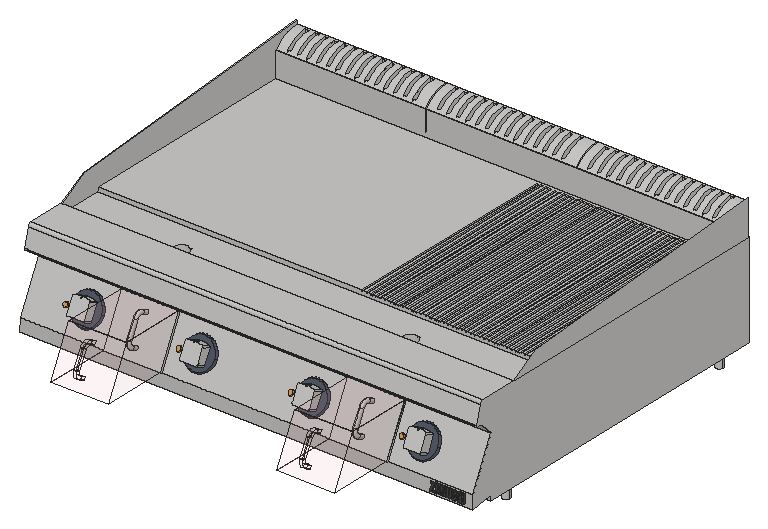
Revit family "QF_ZANUSSI_392405_Z9IIMDAOMIA", category Specialty Equipment, Revit 2018
Family settings
  Round Connector Dimension = Use Diameter
  Part Type = Normal
  Work Plane-Based = No
  Always vertical = Yes
  Cut with Voids When Loaded = No
  Shared = No
  Room Calculation Point = No
Parameters (values of type "Standard")
  Weight = 150.00 kg
  Watts = 0 W
  Volts = 380 V
  URL Manufacturer = "http://www.zanussiprofessional.com"
  URL = "http://www.zanussiprofessional.com"
  Steam Supply Size = 0"
  Steam Supply Minimum Pressure = 0.00 psi
  Steam Supply Maximum Pressure = 0.00 psi
  Steam Pounds per Hour = 0
  Show Logo [instance] = yes
  Show Clearance [instance] = yes
  Refrigeration Suction Line Size = 0"
  Refrigeration Liquid Line Size = 0"
  Refrigerant Compressor Remote = yes
  Phase = 3
  Model = "Z9IIMDAOMIA"
  Manufacturer = "Zanussi"
  Length Actual = 1200 mm  # constant formula
  Item Number = "392405"
  Hot Water Size = 0"
  Height Actual = 250 mm  # constant formula
  HP = "26.8 HP"
  Gas Size = 0"
  Gas KW = 0
  Gas Input Pressure = 0.0 Btu/h
  Direct Waste Size = 0"
  Description = "ELECTRIC FRY TOP HP SMOOTH+RIBBED 1200MM - SCRATCH RESISTANT CHROMIUM"
  Depth Actual = 900 mm  # constant formula
  Cycle = 60 Hz
  Condensate Return Size = 0"
  Compressed Air Volume = 0 GPM
  Compressed Air Size = 0"
  Compressed Air Pressure = 0.00 psi
  Cold Water Size = 0"
  Accessory = yes
Reference planes
  plane 1 "BACK": y = 0
  plane 2: z = 0
  plane 3 "LEFT": x = 0
  plane 4 "RIGHT": x = 1200
  plane 5 "FRONT": y = -915
  plane 6 "TOP": z = 274
  plane 7 "Center Y": x = 600
  plane 8 "Center X": y = -457.5
  plane 9: y = -1106
  plane 10: z = 24
  plane 11: z = 290
  plane 12: z = 410
  plane 13: x = 11
  plane 14: x = 1189
  plane 15: z = 900
  plane 16: z = 995
Forms (mm)
  Extrusion 1, solid, material "QF_Finishes_Stainless Steel"
    sketch origin (0, 0, 626) x (0, 1, 0) y (0, 0, 1)
      loop
        line (0, 24) -> (0, 275) -> (-879.358, 275)
        arc (-879.358, 275) -> (-884.931, 272.506) -> (-886.786, 266.69) r 7.474
        line (-886.786, 266.69) -> (-899.884, 221.011)
        arc (-899.884, 221.011) -> (-899.396, 218.379) -> (-897, 217.184) r 3
        line (-897, 217.184) -> (-886.802, 217.184) -> (-854.982, 185.364) -> (-915, 64.508) -> (-915, 29.508) -> (-858.645, 37.428)
        arc (-858.645, 37.428) -> (-856.101, 36.674) -> (-855, 34.259) r 3.2
        line (-855, 34.259) -> (-855, 24) -> (0, 24)
    from 0 to 1200
  Extrusion 2, solid, material "QF_Finishes_Stainless Steel"
    sketch origin (0, -1, 626) x (1, 0, 0) y (0, 1, 0)
      loop
        circle (11, -81) r 9.525
      loop
        circle (11, -789) r 9.525
      loop
        circle (1189, -81) r 9.525
      loop
        circle (1189, -789) r 9.525
    from 0 to 24
  Extrusion 3, solid, material "QF_Finishes_Stainless Steel"
    sketch origin (635, 203.692, 900) x (0, -1, 0) y (1, 0, 0)
      loop
        line (273.542, 563.412) -> (273.542, -633.413) -> (275.13, -633.413) -> (275.13, 563.412) -> (273.542, 563.412)
    from 0 to 56.233
  Extrusion 4, void
    sketch origin (0, 0, 900) x (0, -1, 0) y (1, 0, 0)
      loop
        line (71.438, 1.587) -> (777.539, 1.587) -> (777.539, 1198.412) -> (71.438, 1198.412) -> (71.438, 1.587)
    from 32.952 to -21.588
  Extrusion 5, solid, material "QF_Finishes_Stainless Steel"
    sketch origin (0, 0, 650) x (-1, 0, 0) y (0, 1, 0)
      loop
        circle (-1144, -50) r 6.35
      loop
        circle (-1144, -654) r 6.35
    from 0 to 5
  Extrusion 6, solid, material "QF_Clearances", visible <- "Show Clearance", detail levels coarse
    sketch origin (0, 0, 626) x (1, 0, 0) y (0, 1, 0)
      loop
        line (0, 0) -> (1200, 0) -> (1200, -915) -> (1350, -915) -> (1350, 100) -> (-150, 100) -> (-150, -915) -> (0, -915) -> (0, 0)
    from 0 to 369
  Extrusion 7, solid, material "QF_Finishes_Stainless Steel"
    sketch origin (0, 0, 635.706) x (0, 1, 0) y (0, 0, 1)
      loop
        line (-660, 254) -> (-660, 242.706) -> (-71.438, 242.706) -> (-71.438, 254) -> (-660, 254)
    from 1.587 to 1198.412
  Extrusion 8, void
    sketch origin (626.521, 0, 626) x (1, 0, 0) y (0, 1, 0)
      loop
        circle (271.879, -743.736) r 20
    from 235.859 to 256.719
  Extrusion 9, solid, material "QF_Finishes_Stainless Steel"
    sketch origin (-15.442, 0, 626) x (0, 1, 0) y (0, 0, 1)
      loop
        line (0, 274) -> (0, 369) -> (-703.927, 316.5) -> (-777.539, 274) -> (0, 274)
    from 15.442 to 17.03
  Extrusion 10, solid, material "QF_Finishes_Stainless Steel"
    sketch origin (0, 0, 655.962) x (0, 1, 0) y (0, 0, 1)
      loop
        line (0, 244.038) -> (0, 331.354)
        arc (0, 331.354) -> (-38.768, 324.268) -> (-69.85, 300.038) r 82.671
        line (-69.85, 300.038) -> (-69.85, 244.038) -> (0, 244.038)
    from 1.588 to 400
  Extrusion 11, void
    sketch origin (0, 0, 930.6) x (0, -1, 0) y (1, 0, 0)
      loop
        line (6.761, 29.703) -> (63.911, 29.703) -> (63.911, 38.999) -> (6.761, 38.999) -> (6.761, 29.703)
      loop
        line (63.911, 64.487) -> (6.761, 64.487) -> (6.761, 55.191) -> (63.911, 55.191) -> (63.911, 64.487)
      loop
        line (63.911, 89.975) -> (6.761, 89.975) -> (6.761, 80.68) -> (63.911, 80.68) -> (63.911, 89.975)
      loop
        line (63.911, 115.464) -> (6.761, 115.464) -> (6.761, 106.168) -> (63.911, 106.168) -> (63.911, 115.464)
      loop
        line (63.911, 140.952) -> (6.761, 140.952) -> (6.761, 131.656) -> (63.911, 131.656) -> (63.911, 140.952)
      loop
        line (63.911, 166.44) -> (6.761, 166.44) -> (6.761, 157.145) -> (63.911, 157.145) -> (63.911, 166.44)
      loop
        line (63.911, 191.929) -> (6.761, 191.929) -> (6.761, 182.633) -> (63.911, 182.633) -> (63.911, 191.929)
      loop
        line (63.911, 217.417) -> (6.761, 217.417) -> (6.761, 208.121) -> (63.911, 208.121) -> (63.911, 217.417)
      loop
        line (63.911, 242.905) -> (6.761, 242.905) -> (6.761, 233.61) -> (63.911, 233.61) -> (63.911, 242.905)
      loop
        line (63.911, 268.394) -> (6.761, 268.394) -> (6.761, 259.098) -> (63.911, 259.098) -> (63.911, 268.394)
      loop
        line (63.911, 293.882) -> (6.761, 293.882) -> (6.761, 284.586) -> (63.911, 284.586) -> (63.911, 293.882)
      loop
        line (63.911, 319.37) -> (6.761, 319.37) -> (6.761, 310.075) -> (63.911, 310.075) -> (63.911, 319.37)
      loop
        line (63.911, 344.859) -> (6.761, 344.859) -> (6.761, 335.563) -> (63.911, 335.563) -> (63.911, 344.859)
      loop
        line (63.911, 370.347) -> (6.761, 370.347) -> (6.761, 361.051) -> (63.911, 361.051) -> (63.911, 370.347)
    from 25.4 to 63.5
  Extrusion 12, solid, material "QF_Finishes_Stainless Steel"
    sketch origin (800, 0, 655.962) x (0, 1, 0) y (0, 0, -1)
      loop
        line (0, -244.038) -> (-69.85, -244.038) -> (-69.85, -300.038)
        arc (-69.85, -300.038) -> (-38.626, -323.809) -> (0, -330.737) r 83.705
        line (0, -330.737) -> (0, -244.038)
    from 0 to 400
  Extrusion 13, void
    sketch origin (596.143, 0, 930.6) x (0, -1, 0) y (1, 0, 0)
      loop
        line (6.761, 170.297) -> (6.761, 161.001) -> (63.911, 161.001) -> (63.911, 170.297) -> (6.761, 170.297)
      loop
        line (63.911, 135.513) -> (63.911, 144.809) -> (6.761, 144.809) -> (6.761, 135.513) -> (63.911, 135.513)
      loop
        line (63.911, 110.025) -> (63.911, 119.32) -> (6.761, 119.32) -> (6.761, 110.025) -> (63.911, 110.025)
      loop
        line (63.911, 84.536) -> (63.911, 93.832) -> (6.761, 93.832) -> (6.761, 84.536) -> (63.911, 84.536)
      loop
        line (63.911, 59.048) -> (63.911, 68.344) -> (6.761, 68.344) -> (6.761, 59.048) -> (63.911, 59.048)
      loop
        line (63.911, 33.56) -> (63.911, 42.855) -> (6.761, 42.855) -> (6.761, 33.56) -> (63.911, 33.56)
      loop
        line (63.911, 8.071) -> (63.911, 17.367) -> (6.761, 17.367) -> (6.761, 8.071) -> (63.911, 8.071)
      loop
        line (63.911, -17.417) -> (63.911, -8.121) -> (6.761, -8.121) -> (6.761, -17.417) -> (63.911, -17.417)
      loop
        line (63.911, -42.905) -> (63.911, -33.61) -> (6.761, -33.61) -> (6.761, -42.905) -> (63.911, -42.905)
      loop
        line (63.911, -68.394) -> (63.911, -59.098) -> (6.761, -59.098) -> (6.761, -68.394) -> (63.911, -68.394)
      loop
        line (63.911, -93.882) -> (63.911, -84.586) -> (6.761, -84.586) -> (6.761, -93.882) -> (63.911, -93.882)
      loop
        line (63.911, -119.37) -> (63.911, -110.075) -> (6.761, -110.075) -> (6.761, -119.37) -> (63.911, -119.37)
      loop
        line (63.911, -144.859) -> (63.911, -135.563) -> (6.761, -135.563) -> (6.761, -144.859) -> (63.911, -144.859)
      loop
        line (63.911, -170.347) -> (63.911, -161.051) -> (6.761, -161.051) -> (6.761, -170.347) -> (63.911, -170.347)
    from 25.4 to 63.5
  Blend 14, solid, material "QF_Finishes_Navy Blue"
    base sketch origin (155, -884.991, 750.936) x (1, 0, 0) y (0, 0.444781, 0.895639)
      loop
        circle (0, 0) r 42.5
    top sketch origin (155, -884.991, 750.936) x (1, 0, 0) y (0, 0.444781, 0.895639)
      loop
        circle (0, 0) r 40.5
    from 0 to 5
  Extrusion 15, solid, material "QF_Finishes_Stainless Steel"
    sketch origin (155, -884.991, 750.936) x (1, 0, 0) y (0, 0.444781, 0.895639)
      loop
        arc (-21.147, 22.789) -> (-22.494, 21.685) -> (-23, 20.019) r 2.997
        line (-23, 20.019) -> (-23, -20.019)
        arc (-23, -20.019) -> (-22.122, -22.138) -> (-20.003, -23.016) r 2.997
        line (-20.003, -23.016) -> (20.003, -23.016)
        arc (20.003, -23.016) -> (22.122, -22.138) -> (23, -20.019) r 2.997
        line (23, -20.019) -> (23, 20.019)
        arc (23, 20.019) -> (22.494, 21.685) -> (21.147, 22.789) r 2.997
        arc (21.147, 22.789) -> (0, 26.984) -> (-21.147, 22.789) r 55.4
    from 10 to 34
  Extrusion 16, solid, material "QF_Finishes_Stainless Steel"
    sketch origin (155, -884.991, 750.936) x (1, 0, 0) y (0, 0.444781, 0.895639)
      loop
        line (17.5, 17.5) -> (-17.5, 17.5) -> (-17.5, -17.5) -> (17.5, -17.5) -> (17.5, 17.5)
    from 5 to 10
  Extrusion 17, solid, material "QF_Plastic-Black-Matte"
    sketch origin (97.5, -884.991, 750.936) x (0, 0.444781, 0.895639) y (0, 0.895639, -0.444781)
      loop
        line (26.984, -34) -> (23.984, -34) -> (23.984, -35) -> (26.984, -35)
        arc (26.984, -35) -> (27.691, -34.707) -> (27.984, -34) r 1
        line (27.984, -34) -> (27.984, -19) -> (26.984, -19) -> (26.984, -34)
    from -58.5 to -56.5
  Extrusion 18, solid, material "QF_Finishes_Orange"
    sketch origin (155, -888.072, 744.733) x (1, 0, 0) y (0, 0.444781, 0.895639)
      loop
        circle (-55.001, 0) r 6
    from 0 to 1.6
  Blend 19, solid, material "QF_Finishes_Navy Blue"
    base sketch origin (647.5, -884.991, 750.936) x (1, 0, 0) y (0, 0.444781, 0.895639)
      loop
        circle (400, 0) r 42.5
    top sketch origin (647.5, -884.991, 750.936) x (1, 0, 0) y (0, 0.444781, 0.895639)
      loop
        circle (400, 0) r 40.5
    from 0 to 5
  Extrusion 20, solid, material "QF_Finishes_Stainless Steel"
    sketch origin (647.5, -884.991, 750.936) x (1, 0, 0) y (0, 0.444781, 0.895639)
      loop
        arc (378.853, 22.789) -> (377.506, 21.685) -> (377, 20.019) r 2.997
        line (377, 20.019) -> (377, -20.019)
        arc (377, -20.019) -> (377.878, -22.138) -> (379.997, -23.016) r 2.997
        line (379.997, -23.016) -> (420.003, -23.016)
        arc (420.003, -23.016) -> (422.122, -22.138) -> (423, -20.019) r 2.997
        line (423, -20.019) -> (423, 20.019)
        arc (423, 20.019) -> (422.494, 21.685) -> (421.147, 22.789) r 2.997
        arc (421.147, 22.789) -> (400, 26.984) -> (378.853, 22.789) r 55.4
    from 10 to 34
  Extrusion 21, solid, material "QF_Finishes_Stainless Steel"
    sketch origin (647.5, -884.991, 750.936) x (1, 0, 0) y (0, 0.444781, 0.895639)
      loop
        line (417.5, 17.5) -> (382.5, 17.5) -> (382.5, -17.5) -> (417.5, -17.5) -> (417.5, 17.5)
    from 5 to 10
  Extrusion 22, solid, material "QF_Plastic-Black-Matte"
    sketch origin (990, -884.991, 750.936) x (0, 0.444781, 0.895639) y (0, 0.895639, -0.444781)
      loop
        line (26.984, -34) -> (23.984, -34) -> (23.984, -35) -> (26.984, -35)
        arc (26.984, -35) -> (27.691, -34.707) -> (27.984, -34) r 1
        line (27.984, -34) -> (27.984, -19) -> (26.984, -19) -> (26.984, -34)
    from -58.5 to -56.5
  Extrusion 23, solid, material "QF_Finishes_Orange"
    sketch origin (647.5, -888.072, 744.733) x (1, 0, 0) y (0, 0.444781, 0.895639)
      loop
        circle (344.999, 0) r 6
    from 0 to 1.6
  Extrusion 24, solid, material "QF_Finishes_Stainless Steel"
    sketch origin (498.735, -295.047, 230.1) x (0, 0.444781, 0.895639) y (-1, 0, 0)
      loop
        line (136.616, 122.735) -> (271.616, 122.735) -> (271.616, 274.735) -> (136.616, 274.735) -> (136.616, 122.735)
    from 760.035 to 763.551
  Sweep 25, solid, material "QF_Finishes_Stainless Steel"
    path origin (298.545, 126.359, 733.982) x (0, -0.444781, -0.895639) y (0, -0.895639, 0.444781)
      loop
        line (468.014, 916.861) -> (468.014, 932.736)
        arc (468.014, 932.736) -> (464.793, 940.513) -> (457.015, 943.735) r 10.999
        line (457.015, 943.735) -> (410.212, 943.735)
        arc (410.212, 943.735) -> (402.435, 940.513) -> (399.214, 932.736) r 10.999
        line (399.214, 932.736) -> (399.214, 916.861)
    profile origin (298.545, -879.49, 787.764) x (0, -0.444781, -0.895639) y (-1, 0, 0)
      loop
        circle (-4.691, 0) r 4.691
  Extrusion 26, solid, material "QF_Finishes_Clearance"
    sketch origin (2.32, -294.882, 229.583) x (0, 0.895639, -0.444781) y (0, 0.444781, 0.895639)
      loop
        line (-763.929, 272.005) -> (-920.503, 194.25) -> (-920.503, 59.25) -> (-763.929, 137.005) -> (-763.929, 272.005)
    from 221.68 to 374.05
  Extrusion 27, solid, material "QF_Finishes_Clearance"
    sketch origin (7.32, -283.593, 171.621) x (0, 0.895639, -0.444781) y (0, 0.444781, 0.895639)
      loop
        line (-972.705, 212.765) -> (-956.394, 212.765) -> (-956.394, 222.134) -> (-972.749, 222.134)
        arc (-972.749, 222.134) -> (-986.81, 216.31) -> (-992.634, 202.249) r 19.885
        line (-992.634, 202.249) -> (-992.634, 154.481)
        arc (-992.634, 154.481) -> (-986.81, 140.42) -> (-972.749, 134.596) r 19.885
        line (-972.749, 134.596) -> (-956.394, 134.582) -> (-956.394, 143.982) -> (-972.749, 143.982)
        arc (-972.749, 143.982) -> (-980.163, 147.067) -> (-983.234, 154.481) r 10.485
        line (-983.234, 154.481) -> (-983.234, 202.249)
        arc (-983.234, 202.249) -> (-980.163, 209.663) -> (-972.749, 212.734) r 10.485
    from 286.527 to 295.917
  Extrusion 28, solid, material "QF_Finishes_Stainless Steel"
    sketch origin (1200, 0, 655.962) x (0, 1, 0) y (0, 0, -1)
      loop
        line (0, -244.038) -> (-69.85, -244.038) -> (-69.85, -300.038)
        arc (-69.85, -300.038) -> (-38.626, -323.809) -> (0, -330.737) r 83.705
        line (0, -330.737) -> (0, -244.038)
    from 1.587 to 400
  Extrusion 29, void
    sketch origin (996.143, 0, 930.6) x (0, -1, 0) y (1, 0, 0)
      loop
        line (6.761, 170.297) -> (6.761, 161.001) -> (63.911, 161.001) -> (63.911, 170.297) -> (6.761, 170.297)
      loop
        line (63.911, 135.513) -> (63.911, 144.809) -> (6.761, 144.809) -> (6.761, 135.513) -> (63.911, 135.513)
      loop
        line (63.911, 110.025) -> (63.911, 119.32) -> (6.761, 119.32) -> (6.761, 110.025) -> (63.911, 110.025)
      loop
        line (63.911, 84.536) -> (63.911, 93.832) -> (6.761, 93.832) -> (6.761, 84.536) -> (63.911, 84.536)
      loop
        line (63.911, 59.048) -> (63.911, 68.344) -> (6.761, 68.344) -> (6.761, 59.048) -> (63.911, 59.048)
      loop
        line (63.911, 33.56) -> (63.911, 42.855) -> (6.761, 42.855) -> (6.761, 33.56) -> (63.911, 33.56)
      loop
        line (63.911, 8.071) -> (63.911, 17.367) -> (6.761, 17.367) -> (6.761, 8.071) -> (63.911, 8.071)
      loop
        line (63.911, -17.417) -> (63.911, -8.121) -> (6.761, -8.121) -> (6.761, -17.417) -> (63.911, -17.417)
      loop
        line (63.911, -42.905) -> (63.911, -33.61) -> (6.761, -33.61) -> (6.761, -42.905) -> (63.911, -42.905)
      loop
        line (63.911, -68.394) -> (63.911, -59.098) -> (6.761, -59.098) -> (6.761, -68.394) -> (63.911, -68.394)
      loop
        line (63.911, -93.882) -> (63.911, -84.586) -> (6.761, -84.586) -> (6.761, -93.882) -> (63.911, -93.882)
      loop
        line (63.911, -119.37) -> (63.911, -110.075) -> (6.761, -110.075) -> (6.761, -119.37) -> (63.911, -119.37)
      loop
        line (63.911, -144.859) -> (63.911, -135.563) -> (6.761, -135.563) -> (6.761, -144.859) -> (63.911, -144.859)
      loop
        line (63.911, -170.347) -> (63.911, -161.051) -> (6.761, -161.051) -> (6.761, -170.347) -> (63.911, -170.347)
    from 25.4 to 63.5
  Extrusion 30, solid, material "QF_Finishes_Stainless Steel"
    sketch origin (10.04, 0, 725.828) x (0, 0, 1) y (1, 0, 0)
      loop
        circle (-34.828, 1142.96) r 6.5
    from 0 to 10
  Extrusion 31, solid, material "QF_Finishes_Stainless Steel"
    sketch origin (1098.735, -295.047, 230.1) x (0, 0.444781, 0.895639) y (-1, 0, 0)
      loop
        line (136.616, 122.735) -> (271.616, 122.735) -> (271.616, 274.735) -> (136.616, 274.735) -> (136.616, 122.735)
    from 760.035 to 763.551
  Sweep 32, solid, material "QF_Finishes_Stainless Steel"
    path origin (898.545, 126.359, 733.982) x (0, -0.444781, -0.895639) y (0, -0.895639, 0.444781)
      loop
        line (468.014, 916.861) -> (468.014, 932.736)
        arc (468.014, 932.736) -> (464.793, 940.513) -> (457.015, 943.735) r 10.999
        line (457.015, 943.735) -> (410.212, 943.735)
        arc (410.212, 943.735) -> (402.435, 940.513) -> (399.214, 932.736) r 10.999
        line (399.214, 932.736) -> (399.214, 916.861)
    profile origin (898.545, -879.49, 787.764) x (0, -0.444781, -0.895639) y (-1, 0, 0)
      loop
        circle (-4.691, 0) r 4.691
  Blend 33, solid, material "QF_Finishes_Navy Blue"
    base sketch origin (455, -884.991, 750.936) x (1, 0, 0) y (0, 0.444781, 0.895639)
      loop
        circle (0, 0) r 42.5
    top sketch origin (455, -884.991, 750.936) x (1, 0, 0) y (0, 0.444781, 0.895639)
      loop
        circle (0, 0) r 40.5
    from 0 to 5
  Extrusion 34, solid, material "QF_Finishes_Stainless Steel"
    sketch origin (455, -884.991, 750.936) x (1, 0, 0) y (0, 0.444781, 0.895639)
      loop
        arc (-21.147, 22.789) -> (-22.494, 21.685) -> (-23, 20.019) r 2.997
        line (-23, 20.019) -> (-23, -20.019)
        arc (-23, -20.019) -> (-22.122, -22.138) -> (-20.003, -23.016) r 2.997
        line (-20.003, -23.016) -> (20.003, -23.016)
        arc (20.003, -23.016) -> (22.122, -22.138) -> (23, -20.019) r 2.997
        line (23, -20.019) -> (23, 20.019)
        arc (23, 20.019) -> (22.494, 21.685) -> (21.147, 22.789) r 2.997
        arc (21.147, 22.789) -> (0, 26.984) -> (-21.147, 22.789) r 55.4
    from 10 to 34
  Extrusion 35, solid, material "QF_Finishes_Stainless Steel"
    sketch origin (455, -884.991, 750.936) x (1, 0, 0) y (0, 0.444781, 0.895639)
      loop
        line (17.5, 17.5) -> (-17.5, 17.5) -> (-17.5, -17.5) -> (17.5, -17.5) -> (17.5, 17.5)
    from 5 to 10
  Extrusion 36, solid, material "QF_Plastic-Black-Matte"
    sketch origin (397.5, -884.991, 750.936) x (0, 0.444781, 0.895639) y (0, 0.895639, -0.444781)
      loop
        line (26.984, -34) -> (23.984, -34) -> (23.984, -35) -> (26.984, -35)
        arc (26.984, -35) -> (27.691, -34.707) -> (27.984, -34) r 1
        line (27.984, -34) -> (27.984, -19) -> (26.984, -19) -> (26.984, -34)
    from -58.5 to -56.5
  Extrusion 37, solid, material "QF_Finishes_Orange"
    sketch origin (455, -888.072, 744.733) x (1, 0, 0) y (0, 0.444781, 0.895639)
      loop
        circle (-55.001, 0) r 6
    from 0 to 1.6
  Blend 38, solid, material "QF_Finishes_Navy Blue"
    base sketch origin (352.5, -884.991, 750.936) x (1, 0, 0) y (0, 0.444781, 0.895639)
      loop
        circle (400, 0) r 42.5
    top sketch origin (352.5, -884.991, 750.936) x (1, 0, 0) y (0, 0.444781, 0.895639)
      loop
        circle (400, 0) r 40.5
    from 0 to 5
  Extrusion 39, solid, material "QF_Finishes_Stainless Steel"
    sketch origin (352.5, -884.991, 750.936) x (1, 0, 0) y (0, 0.444781, 0.895639)
      loop
        arc (378.853, 22.789) -> (377.506, 21.685) -> (377, 20.019) r 2.997
        line (377, 20.019) -> (377, -20.019)
        arc (377, -20.019) -> (377.878, -22.138) -> (379.997, -23.016) r 2.997
        line (379.997, -23.016) -> (420.003, -23.016)
        arc (420.003, -23.016) -> (422.122, -22.138) -> (423, -20.019) r 2.997
        line (423, -20.019) -> (423, 20.019)
        arc (423, 20.019) -> (422.494, 21.685) -> (421.147, 22.789) r 2.997
        arc (421.147, 22.789) -> (400, 26.984) -> (378.853, 22.789) r 55.4
    from 10 to 34
  Extrusion 40, solid, material "QF_Finishes_Stainless Steel"
    sketch origin (352.5, -884.991, 750.936) x (1, 0, 0) y (0, 0.444781, 0.895639)
      loop
        line (417.5, 17.5) -> (382.5, 17.5) -> (382.5, -17.5) -> (417.5, -17.5) -> (417.5, 17.5)
    from 5 to 10
  Extrusion 41, solid, material "QF_Plastic-Black-Matte"
    sketch origin (695, -884.991, 750.936) x (0, 0.444781, 0.895639) y (0, 0.895639, -0.444781)
      loop
        line (26.984, -34) -> (23.984, -34) -> (23.984, -35) -> (26.984, -35)
        arc (26.984, -35) -> (27.691, -34.707) -> (27.984, -34) r 1
        line (27.984, -34) -> (27.984, -19) -> (26.984, -19) -> (26.984, -34)
    from -58.5 to -56.5
  Extrusion 42, solid, material "QF_Finishes_Orange"
    sketch origin (352.5, -888.072, 744.733) x (1, 0, 0) y (0, 0.444781, 0.895639)
      loop
        circle (344.999, 0) r 6
    from 0 to 1.6
  Extrusion 43, solid, material "QF_Finishes_Clearance"
    sketch origin (602.32, -294.882, 229.583) x (0, 0.895639, -0.444781) y (0, 0.444781, 0.895639)
      loop
        line (-763.929, 272.005) -> (-920.503, 194.25) -> (-920.503, 59.25) -> (-763.929, 137.005) -> (-763.929, 272.005)
    from 221.68 to 374.05
  Extrusion 44, solid, material "QF_Finishes_Clearance"
    sketch origin (607.32, -283.593, 171.621) x (0, 0.895639, -0.444781) y (0, 0.444781, 0.895639)
      loop
        line (-972.705, 212.765) -> (-956.394, 212.765) -> (-956.394, 222.134) -> (-972.749, 222.134)
        arc (-972.749, 222.134) -> (-986.81, 216.31) -> (-992.634, 202.249) r 19.885
        line (-992.634, 202.249) -> (-992.634, 154.481)
        arc (-992.634, 154.481) -> (-986.81, 140.42) -> (-972.749, 134.596) r 19.885
        line (-972.749, 134.596) -> (-956.394, 134.582) -> (-956.394, 143.982) -> (-972.749, 143.982)
        arc (-972.749, 143.982) -> (-980.163, 147.067) -> (-983.234, 154.481) r 10.485
        line (-983.234, 154.481) -> (-983.234, 202.249)
        arc (-983.234, 202.249) -> (-980.163, 209.663) -> (-972.749, 212.734) r 10.485
    from 286.527 to 295.917
  Extrusion 45, void
    sketch origin (19.721, 0, 626) x (1, 0, 0) y (0, 1, 0)
      loop
        circle (271.879, -743.736) r 20
    from 235.859 to 275
  Extrusion 46, solid, material "QF_Finishes_Stainless Steel"
    sketch origin (1215.442, 0, 626) x (0, 1, 0) y (0, 0, -1)
      loop
        line (0, -274) -> (-777.539, -274) -> (-703.927, -316.5) -> (0, -369) -> (0, -274)
    from 15.442 to 17.03
  Extrusion 47, void
    sketch origin (377.37, -686.406, 669.797) x (0, 0, 1) y (-1, 0, 0)
      loop
        line (219.91, -739.5) -> (219.91, -733.5) -> (217.91, -733.9) -> (217.91, -739.1) -> (219.91, -739.5)
      loop
        line (219.91, -727.5) -> (219.91, -721.5) -> (217.91, -721.9) -> (217.91, -727.1) -> (219.91, -727.5)
      loop
        line (219.91, -715.5) -> (219.91, -709.5) -> (217.91, -709.9) -> (217.91, -715.1) -> (219.91, -715.5)
      loop
        line (219.91, -703.5) -> (219.91, -697.5) -> (217.91, -697.9) -> (217.91, -703.1) -> (219.91, -703.5)
      loop
        line (219.91, -691.5) -> (219.91, -685.5) -> (217.91, -685.9) -> (217.91, -691.1) -> (219.91, -691.5)
      loop
        line (219.91, -679.5) -> (219.91, -673.5) -> (217.91, -673.9) -> (217.91, -679.1) -> (219.91, -679.5)
      loop
        line (219.91, -667.5) -> (219.91, -661.5) -> (217.91, -661.9) -> (217.91, -667.1) -> (219.91, -667.5)
      loop
        line (219.91, -655.5) -> (219.91, -649.5) -> (217.91, -649.9) -> (217.91, -655.1) -> (219.91, -655.5)
      loop
        line (219.91, -799.5) -> (219.91, -793.5) -> (217.91, -793.9) -> (217.91, -799.1) -> (219.91, -799.5)
      loop
        line (219.91, -763.5) -> (219.91, -757.5) -> (217.91, -757.9) -> (217.91, -763.1) -> (219.91, -763.5)
      loop
        line (219.91, -751.5) -> (219.91, -745.5) -> (217.91, -745.9) -> (217.91, -751.1) -> (219.91, -751.5)
      loop
        line (219.91, -811.5) -> (219.91, -805.5) -> (217.91, -805.9) -> (217.91, -811.1) -> (219.91, -811.5)
      loop
        line (219.91, -775.5) -> (219.91, -769.5) -> (217.91, -769.9) -> (217.91, -775.1) -> (219.91, -775.5)
      loop
        line (219.91, -787.5) -> (219.91, -781.5) -> (217.91, -781.9) -> (217.91, -787.1) -> (219.91, -787.5)
      loop
        line (219.91, -643.5) -> (219.91, -637.5) -> (217.91, -637.9) -> (217.91, -643.1) -> (219.91, -643.5)
      loop
        line (219.91, -631.5) -> (219.91, -625.5) -> (217.91, -625.9) -> (217.91, -631.1) -> (219.91, -631.5)
      loop
        line (219.91, -619.5) -> (219.91, -613.5) -> (217.91, -613.9) -> (217.91, -619.1) -> (219.91, -619.5)
      loop
        line (219.91, -607.5) -> (219.91, -601.5) -> (217.91, -601.9) -> (217.91, -607.1) -> (219.91, -607.5)
      loop
        line (219.91, -595.5) -> (219.91, -589.5) -> (217.91, -589.9) -> (217.91, -595.1) -> (219.91, -595.5)
      loop
        line (219.91, -583.5) -> (219.91, -577.5) -> (217.91, -577.9) -> (217.91, -583.1) -> (219.91, -583.5)
      loop
        line (219.91, -571.5) -> (219.91, -565.5) -> (217.91, -565.9) -> (217.91, -571.1) -> (219.91, -571.5)
      loop
        line (219.91, -499.5) -> (219.91, -493.5) -> (217.91, -493.9) -> (217.91, -499.1) -> (219.91, -499.5)
      loop
        line (219.91, -487.5) -> (219.91, -481.5) -> (217.91, -481.9) -> (217.91, -487.1) -> (219.91, -487.5)
      loop
        line (219.91, -475.5) -> (219.91, -469.5) -> (217.91, -469.9) -> (217.91, -475.1) -> (219.91, -475.5)
      loop
        line (219.91, -463.5) -> (219.91, -457.5) -> (217.91, -457.9) -> (217.91, -463.1) -> (219.91, -463.5)
      loop
        line (219.91, -451.5) -> (219.91, -445.5) -> (217.91, -445.9) -> (217.91, -451.1) -> (219.91, -451.5)
      loop
        line (219.91, -439.5) -> (219.91, -433.5) -> (217.91, -433.9) -> (217.91, -439.1) -> (219.91, -439.5)
      loop
        line (219.91, -427.5) -> (219.91, -421.5) -> (217.91, -421.9) -> (217.91, -427.1) -> (219.91, -427.5)
      loop
        line (219.91, -415.5) -> (219.91, -409.5) -> (217.91, -409.9) -> (217.91, -415.1) -> (219.91, -415.5)
      loop
        line (219.91, -559.5) -> (219.91, -553.5) -> (217.91, -553.9) -> (217.91, -559.1) -> (219.91, -559.5)
      loop
        line (219.91, -523.5) -> (219.91, -517.5) -> (217.91, -517.9) -> (217.91, -523.1) -> (219.91, -523.5)
      loop
        line (219.91, -511.5) -> (219.91, -505.5) -> (217.91, -505.9) -> (217.91, -511.1) -> (219.91, -511.5)
      loop
        line (219.91, -535.5) -> (219.91, -529.5) -> (217.91, -529.9) -> (217.91, -535.1) -> (219.91, -535.5)
      loop
        line (219.91, -547.5) -> (219.91, -541.5) -> (217.91, -541.9) -> (217.91, -547.1) -> (219.91, -547.5)
      loop
        line (219.91, -403.5) -> (219.91, -397.5) -> (217.91, -397.9) -> (217.91, -403.1) -> (219.91, -403.5)
      loop
        line (219.91, -391.5) -> (219.91, -385.5) -> (217.91, -385.9) -> (217.91, -391.1) -> (219.91, -391.5)
      loop
        line (219.91, -379.5) -> (219.91, -373.5) -> (217.91, -373.9) -> (217.91, -379.1) -> (219.91, -379.5)
      loop
        line (219.91, -367.5) -> (219.91, -361.5) -> (217.91, -361.9) -> (217.91, -367.1) -> (219.91, -367.5)
      loop
        line (219.91, -355.5) -> (219.91, -349.5) -> (217.91, -349.9) -> (217.91, -355.1) -> (219.91, -355.5)
      loop
        line (219.91, -343.5) -> (219.91, -337.5) -> (217.91, -337.9) -> (217.91, -343.1) -> (219.91, -343.5)
      loop
        line (219.91, -331.5) -> (219.91, -325.5) -> (217.91, -325.9) -> (217.91, -331.1) -> (219.91, -331.5)
    from 10 to -604.968
Cuts and joins
  Extrusion 4, Extrusion 8, Extrusion 45 cuts Extrusion 1
  Extrusion 4, Extrusion 45 cuts Extrusion 3
  Extrusion 4, Extrusion 45 cuts Extrusion 9
  joined: Extrusion 1, Extrusion 3, Extrusion 9
  Extrusion 8, Extrusion 45, Extrusion 47 cuts Extrusion 7
  Extrusion 11, Extrusion 13 cuts Extrusion 10
  Extrusion 13, Extrusion 29 cuts Extrusion 12
  Extrusion 29 cuts Extrusion 28
Lines and regions (mm)
  Split face 1
    outline origin (155, -889.469, 753.16) x (1, 0, 0) y (0, 0.444781, 0.895639)
      loop
        circle (-34, 0) r 1.5
  Split face 2
    outline origin (155, -889.469, 753.16) x (1, 0, 0) y (0, 0.444781, 0.895639)
      loop
        circle (-30.633, -14.752) r 1.5
  Split face 3
    outline origin (155, -889.469, 753.16) x (1, 0, 0) y (0, 0.444781, 0.895639)
      loop
        circle (-21.199, -26.582) r 1.5
  Split face 4
    outline origin (155, -889.469, 753.16) x (1, 0, 0) y (0, 0.444781, 0.895639)
      loop
        circle (-7.566, -33.148) r 1.5
  Split face 5
    outline origin (155, -889.469, 753.16) x (1, 0, 0) y (0, 0.444781, 0.895639)
      loop
        circle (7.566, -33.148) r 1.5
  Split face 6
    outline origin (155, -889.469, 753.16) x (1, 0, 0) y (0, 0.444781, 0.895639)
      loop
        circle (21.199, -26.582) r 1.5
  Split face 7
    outline origin (155, -889.469, 753.16) x (1, 0, 0) y (0, 0.444781, 0.895639)
      loop
        circle (30.633, -14.752) r 1.5
  Split face 8
    outline origin (155, -889.469, 753.16) x (1, 0, 0) y (0, 0.444781, 0.895639)
      loop
        circle (34, 0) r 1.5
  Split face 9
    outline origin (176.665, -886.175, 759.794) x (1, 0, 0) y (0, 0.444781, 0.895639)
      loop
        circle (-21.665, 26.582) r 1.5
  Split face 10
    outline origin (455, -889.469, 753.16) x (1, 0, 0) y (0, 0.444781, 0.895639)
      loop
        circle (-34, 0) r 1.5
  Split face 11
    outline origin (455, -889.469, 753.16) x (1, 0, 0) y (0, 0.444781, 0.895639)
      loop
        circle (-30.633, -14.752) r 1.5
  Split face 12
    outline origin (455, -889.469, 753.16) x (1, 0, 0) y (0, 0.444781, 0.895639)
      loop
        circle (-21.199, -26.582) r 1.5
  Split face 13
    outline origin (455, -889.469, 753.16) x (1, 0, 0) y (0, 0.444781, 0.895639)
      loop
        circle (-7.566, -33.148) r 1.5
  Split face 14
    outline origin (455, -889.469, 753.16) x (1, 0, 0) y (0, 0.444781, 0.895639)
      loop
        circle (7.566, -33.148) r 1.5
  Split face 15
    outline origin (455, -889.469, 753.16) x (1, 0, 0) y (0, 0.444781, 0.895639)
      loop
        circle (21.199, -26.582) r 1.5
  Split face 16
    outline origin (455, -889.469, 753.16) x (1, 0, 0) y (0, 0.444781, 0.895639)
      loop
        circle (30.633, -14.752) r 1.5
  Split face 17
    outline origin (455, -889.469, 753.16) x (1, 0, 0) y (0, 0.444781, 0.895639)
      loop
        circle (34, 0) r 1.5
  Split face 18
    outline origin (476.665, -886.175, 759.794) x (1, 0, 0) y (0, 0.444781, 0.895639)
      loop
        circle (-21.665, 26.582) r 1.5
  symbolic lines, style "QF_Clearances", visible <- "Show Clearance", detail levels coarse
    curve 1: line (1350, -915, 0) -> (1350, 100, 0)
    curve 2: line (1350, 100, 0) -> (-150, 100, 0)
    curve 3: line (-150, 100, 0) -> (-150, -915, 0)
  symbolic lines
    curve 4: line (1200, -915, 0) -> (1200, 0, 0)
    curve 5: line (1200, 0, 0) -> (0, 0, 0)
    curve 6: line (0, 0, 0) -> (0, -915, 0)
    curve 7: line (1198.412, -777.539, 0) -> (1.588, -777.539, 0)
    curve 8: line (1.588, 0, 0) -> (1.588, -777.539, 0)
    curve 9: line (1198.412, -71.438, 0) -> (1.588, -71.438, 0)
    curve 10: line (1198.412, -777.539, 0) -> (1198.412, 0, 0)
    curve 11: line (38.999, -6.761, 0) -> (38.999, -63.911, 0)
    curve 12: line (38.999, -63.911, 0) -> (29.703, -63.911, 0)
    curve 13: line (29.703, -63.911, 0) -> (29.703, -6.761, 0)
    curve 14: line (29.703, -6.761, 0) -> (38.999, -6.761, 0)
    curve 15: line (55.191, -63.911, 0) -> (55.191, -6.761, 0)
    curve 16: line (55.191, -6.761, 0) -> (64.487, -6.761, 0)
    curve 17: line (64.487, -6.761, 0) -> (64.487, -63.911, 0)
    curve 18: line (64.487, -63.911, 0) -> (55.191, -63.911, 0)
    curve 19: line (89.975, -6.761, 0) -> (89.975, -63.911, 0)
    curve 20: line (89.975, -63.911, 0) -> (80.68, -63.911, 0)
    curve 21: line (80.68, -63.911, 0) -> (80.68, -6.761, 0)
    curve 22: line (80.68, -6.761, 0) -> (89.975, -6.761, 0)
    curve 23: line (115.464, -6.761, 0) -> (115.464, -63.911, 0)
    curve 24: line (115.464, -63.911, 0) -> (106.168, -63.911, 0)
    curve 25: line (106.168, -63.911, 0) -> (106.168, -6.761, 0)
    curve 26: line (106.168, -6.761, 0) -> (115.464, -6.761, 0)
    curve 27: line (140.952, -6.761, 0) -> (140.952, -63.911, 0)
    curve 28: line (140.952, -63.911, 0) -> (131.656, -63.911, 0)
    curve 29: line (131.656, -63.911, 0) -> (131.656, -6.761, 0)
    curve 30: line (131.656, -6.761, 0) -> (140.952, -6.761, 0)
    curve 31: line (166.44, -6.761, 0) -> (166.44, -63.911, 0)
    curve 32: line (166.44, -63.911, 0) -> (157.145, -63.911, 0)
    curve 33: line (157.145, -63.911, 0) -> (157.145, -6.761, 0)
    curve 34: line (157.145, -6.761, 0) -> (166.44, -6.761, 0)
    curve 35: line (191.929, -6.761, 0) -> (191.929, -63.911, 0)
    curve 36: line (191.929, -63.911, 0) -> (182.633, -63.911, 0)
    curve 37: line (182.633, -63.911, 0) -> (182.633, -6.761, 0)
    curve 38: line (182.633, -6.761, 0) -> (191.929, -6.761, 0)
    curve 39: line (208.121, -63.911, 0) -> (208.121, -6.761, 0)
    curve 40: line (208.121, -6.761, 0) -> (217.417, -6.761, 0)
    curve 41: line (217.417, -6.761, 0) -> (217.417, -63.911, 0)
    curve 42: line (217.417, -63.911, 0) -> (208.121, -63.911, 0)
    curve 43: line (361.001, -6.761, 0) -> (361.001, -63.911, 0)
    curve 44: line (361.001, -63.911, 0) -> (370.297, -63.911, 0)
    curve 45: line (370.297, -63.911, 0) -> (370.297, -6.761, 0)
    curve 46: line (370.297, -6.761, 0) -> (361.001, -6.761, 0)
    curve 47: line (344.809, -63.911, 0) -> (344.809, -6.761, 0)
    curve 48: line (344.809, -6.761, 0) -> (335.513, -6.761, 0)
    curve 49: line (335.513, -6.761, 0) -> (335.513, -63.911, 0)
    curve 50: line (335.513, -63.911, 0) -> (344.809, -63.911, 0)
    curve 51: line (310.025, -6.761, 0) -> (310.025, -63.911, 0)
    curve 52: line (310.025, -63.911, 0) -> (319.32, -63.911, 0)
    curve 53: line (319.32, -63.911, 0) -> (319.32, -6.761, 0)
    curve 54: line (319.32, -6.761, 0) -> (310.025, -6.761, 0)
    curve 55: line (284.536, -6.761, 0) -> (284.536, -63.911, 0)
    curve 56: line (284.536, -63.911, 0) -> (293.832, -63.911, 0)
    curve 57: line (293.832, -63.911, 0) -> (293.832, -6.761, 0)
    curve 58: line (293.832, -6.761, 0) -> (284.536, -6.761, 0)
    curve 59: line (259.048, -6.761, 0) -> (259.048, -63.911, 0)
    curve 60: line (259.048, -63.911, 0) -> (268.344, -63.911, 0)
    curve 61: line (268.344, -63.911, 0) -> (268.344, -6.761, 0)
    curve 62: line (268.344, -6.761, 0) -> (259.048, -6.761, 0)
    curve 63: line (233.56, -6.761, 0) -> (233.56, -63.911, 0)
    curve 64: line (233.56, -63.911, 0) -> (242.855, -63.911, 0)
    curve 65: line (242.855, -63.911, 0) -> (242.855, -6.761, 0)
    curve 66: line (242.855, -6.761, 0) -> (233.56, -6.761, 0)
    curve 67: arc (878.4, -743.736, 0) -> (898.4, -723.736, 0) -> (918.4, -743.736, 0) r 20
    curve 68: arc (878.4, -743.736, 0) -> (898.4, -763.736, 0) -> (918.4, -743.736, 0) r 20
    curve 69: line (757.095, -6.761, 0) -> (757.095, -63.911, 0)
    curve 70: line (757.095, -63.911, 0) -> (766.39, -63.911, 0)
    curve 71: line (766.39, -63.911, 0) -> (766.39, -6.761, 0)
    curve 72: line (766.39, -6.761, 0) -> (757.095, -6.761, 0)
    curve 73: line (740.902, -63.911, 0) -> (740.902, -6.761, 0)
    curve 74: line (740.902, -6.761, 0) -> (731.606, -6.761, 0)
    curve 75: line (731.606, -6.761, 0) -> (731.606, -63.911, 0)
    curve 76: line (731.606, -63.911, 0) -> (740.902, -63.911, 0)
    curve 77: line (706.118, -6.761, 0) -> (706.118, -63.911, 0)
    curve 78: line (706.118, -63.911, 0) -> (715.414, -63.911, 0)
    curve 79: line (715.414, -63.911, 0) -> (715.414, -6.761, 0)
    curve 80: line (715.414, -6.761, 0) -> (706.118, -6.761, 0)
    curve 81: line (680.63, -6.761, 0) -> (680.63, -63.911, 0)
    curve 82: line (680.63, -63.911, 0) -> (689.925, -63.911, 0)
    curve 83: line (689.925, -63.911, 0) -> (689.925, -6.761, 0)
    curve 84: line (689.925, -6.761, 0) -> (680.63, -6.761, 0)
    curve 85: line (655.141, -6.761, 0) -> (655.141, -63.911, 0)
    curve 86: line (655.141, -63.911, 0) -> (664.437, -63.911, 0)
    curve 87: line (664.437, -63.911, 0) -> (664.437, -6.761, 0)
    curve 88: line (664.437, -6.761, 0) -> (655.141, -6.761, 0)
    curve 89: line (629.653, -6.761, 0) -> (629.653, -63.911, 0)
    curve 90: line (629.653, -63.911, 0) -> (638.949, -63.911, 0)
    curve 91: line (638.949, -63.911, 0) -> (638.949, -6.761, 0)
    curve 92: line (638.949, -6.761, 0) -> (629.653, -6.761, 0)
    curve 93: line (604.164, -6.761, 0) -> (604.164, -63.911, 0)
    curve 94: line (604.164, -63.911, 0) -> (613.46, -63.911, 0)
    curve 95: line (613.46, -63.911, 0) -> (613.46, -6.761, 0)
    curve 96: line (613.46, -6.761, 0) -> (604.164, -6.761, 0)
    curve 97: line (587.972, -63.911, 0) -> (587.972, -6.761, 0)
    curve 98: line (587.972, -6.761, 0) -> (578.676, -6.761, 0)
    curve 99: line (578.676, -6.761, 0) -> (578.676, -63.911, 0)
    curve 100: line (578.676, -63.911, 0) -> (587.972, -63.911, 0)
    curve 101: line (435.092, -6.761, 0) -> (435.092, -63.911, 0)
    curve 102: line (435.092, -63.911, 0) -> (425.796, -63.911, 0)
    curve 103: line (425.796, -63.911, 0) -> (425.796, -6.761, 0)
    curve 104: line (425.796, -6.761, 0) -> (435.092, -6.761, 0)
    curve 105: line (451.284, -63.911, 0) -> (451.284, -6.761, 0)
    curve 106: line (451.284, -6.761, 0) -> (460.58, -6.761, 0)
    curve 107: line (460.58, -6.761, 0) -> (460.58, -63.911, 0)
    curve 108: line (460.58, -63.911, 0) -> (451.284, -63.911, 0)
    curve 109: line (486.068, -6.761, 0) -> (486.068, -63.911, 0)
    curve 110: line (486.068, -63.911, 0) -> (476.773, -63.911, 0)
    curve 111: line (476.773, -63.911, 0) -> (476.773, -6.761, 0)
    curve 112: line (476.773, -6.761, 0) -> (486.068, -6.761, 0)
    curve 113: line (511.557, -6.761, 0) -> (511.557, -63.911, 0)
    curve 114: line (511.557, -63.911, 0) -> (502.261, -63.911, 0)
    curve 115: line (502.261, -63.911, 0) -> (502.261, -6.761, 0)
    curve 116: line (502.261, -6.761, 0) -> (511.557, -6.761, 0)
    curve 117: line (537.045, -6.761, 0) -> (537.045, -63.911, 0)
    curve 118: line (537.045, -63.911, 0) -> (527.749, -63.911, 0)
    curve 119: line (527.749, -63.911, 0) -> (527.749, -6.761, 0)
    curve 120: line (527.749, -6.761, 0) -> (537.045, -6.761, 0)
    curve 121: line (562.534, -6.761, 0) -> (562.534, -63.911, 0)
    curve 122: line (562.534, -63.911, 0) -> (553.238, -63.911, 0)
    curve 123: line (553.238, -63.911, 0) -> (553.238, -6.761, 0)
    curve 124: line (553.238, -6.761, 0) -> (562.534, -6.761, 0)
    curve 125: line (1.588, -69.85, 0) -> (1198.412, -69.85, 0)
    curve 126: line (600, -69.85, 0) -> (600, 0, 0)
    curve 127: line (0, -900, 0) -> (1200, -900, 0)
    curve 128: line (132, -900, 0) -> (132, -924.347, 0)
    curve 129: arc (132, -924.347, 0) -> (132.146, -924.811, 0) -> (132.532, -925.107, 0) r 0.809
    curve 130: arc (132.532, -925.107, 0) -> (133.72, -925.587, 0) -> (134.997, -925.68, 0) r 4.127
    curve 131: arc (132, -904.292, 0) -> (126.959, -902.458, 0) -> (122.191, -900, 0) r 42.24
    curve 132: arc (132, -906.539, 0) -> (132.502, -905.818, 0) -> (133.299, -905.448, 0) r 1.682
    curve 133: arc (133.299, -905.448, 0) -> (143.63, -904.488, 0) -> (154, -904.162, 0) r 169.357
    curve 134: line (154, -900, 0) -> (154, -905.671, 0)
    curve 135: line (154, -905.671, 0) -> (156, -905.671, 0)
    curve 136: line (156, -905.671, 0) -> (156, -900, 0)
    curve 137: line (178, -900, 0) -> (178, -924.347, 0)
    curve 138: arc (178, -924.347, 0) -> (177.854, -924.811, 0) -> (177.468, -925.107, 0) r 0.809
    curve 139: arc (177.468, -925.107, 0) -> (176.28, -925.587, 0) -> (175.003, -925.68, 0) r 4.127
    curve 140: arc (178, -904.292, 0) -> (183.041, -902.458, 0) -> (187.809, -900, 0) r 42.24
    curve 141: arc (178, -906.539, 0) -> (177.498, -905.818, 0) -> (176.701, -905.448, 0) r 1.682
    curve 142: arc (176.701, -905.448, 0) -> (166.37, -904.488, 0) -> (156, -904.162, 0) r 169.357
    curve 143: line (134.997, -925.68, 0) -> (175.003, -925.68, 0)
    curve 144: line (1070.5, -900, 0) -> (1070.5, -924.347, 0)
    curve 145: arc (1070.5, -924.347, 0) -> (1070.354, -924.811, 0) -> (1069.968, -925.107, 0) r 0.809
    curve 146: arc (1069.968, -925.107, 0) -> (1068.78, -925.587, 0) -> (1067.503, -925.68, 0) r 4.127
    curve 147: arc (1070.5, -904.292, 0) -> (1075.541, -902.458, 0) -> (1080.309, -900, 0) r 42.24
    curve 148: arc (1070.5, -906.539, 0) -> (1069.998, -905.818, 0) -> (1069.201, -905.448, 0) r 1.682
    curve 149: arc (1069.201, -905.448, 0) -> (1058.87, -904.488, 0) -> (1048.5, -904.162, 0) r 169.357
    curve 150: line (1048.5, -900, 0) -> (1048.5, -905.671, 0)
    curve 151: line (1048.5, -905.671, 0) -> (1046.5, -905.671, 0)
    curve 152: line (1046.5, -905.671, 0) -> (1046.5, -900, 0)
    curve 153: line (1024.5, -900, 0) -> (1024.5, -924.347, 0)
    curve 154: arc (1024.5, -924.347, 0) -> (1024.646, -924.811, 0) -> (1025.032, -925.107, 0) r 0.809
    curve 155: arc (1025.032, -925.107, 0) -> (1026.22, -925.587, 0) -> (1027.497, -925.68, 0) r 4.127
    curve 156: arc (1024.5, -904.292, 0) -> (1019.459, -902.458, 0) -> (1014.691, -900, 0) r 42.24
    curve 157: arc (1024.5, -906.539, 0) -> (1025.002, -905.818, 0) -> (1025.799, -905.448, 0) r 1.682
    curve 158: arc (1025.799, -905.448, 0) -> (1036.13, -904.488, 0) -> (1046.5, -904.162, 0) r 169.357
    curve 159: line (1067.503, -925.68, 0) -> (1027.497, -925.68, 0)
    curve 160: line (178, -915, 0) -> (525, -915, 0)
    curve 161: line (1070.5, -915, 0) -> (1200, -915, 0)
    curve 162: line (0, -915, 0) -> (132, -915, 0)
    curve 163: line (745, -915, 0) -> (1024.5, -915, 0)
    curve 164: line (745, -915, 0) -> (525, -915, 0)
    curve 167: line (1157.095, -6.761, 0) -> (1157.095, -63.911, 0)
    curve 168: line (1157.095, -63.911, 0) -> (1166.39, -63.911, 0)
    curve 169: line (1166.39, -63.911, 0) -> (1166.39, -6.761, 0)
    curve 170: line (1166.39, -6.761, 0) -> (1157.095, -6.761, 0)
    curve 171: line (1140.902, -63.911, 0) -> (1140.902, -6.761, 0)
    curve 172: line (1140.902, -6.761, 0) -> (1131.606, -6.761, 0)
    curve 173: line (1131.606, -6.761, 0) -> (1131.606, -63.911, 0)
    curve 174: line (1131.606, -63.911, 0) -> (1140.902, -63.911, 0)
    curve 175: line (1106.118, -6.761, 0) -> (1106.118, -63.911, 0)
    curve 176: line (1106.118, -63.911, 0) -> (1115.414, -63.911, 0)
    curve 177: line (1115.414, -63.911, 0) -> (1115.414, -6.761, 0)
    curve 178: line (1115.414, -6.761, 0) -> (1106.118, -6.761, 0)
    curve 179: line (1080.63, -6.761, 0) -> (1080.63, -63.911, 0)
    curve 180: line (1080.63, -63.911, 0) -> (1089.925, -63.911, 0)
    curve 181: line (1089.925, -63.911, 0) -> (1089.925, -6.761, 0)
    curve 182: line (1089.925, -6.761, 0) -> (1080.63, -6.761, 0)
    curve 183: line (1055.141, -6.761, 0) -> (1055.141, -63.911, 0)
    curve 184: line (1055.141, -63.911, 0) -> (1064.437, -63.911, 0)
    curve 185: line (1064.437, -63.911, 0) -> (1064.437, -6.761, 0)
    curve 186: line (1064.437, -6.761, 0) -> (1055.141, -6.761, 0)
    curve 187: line (1029.653, -6.761, 0) -> (1029.653, -63.911, 0)
    curve 188: line (1029.653, -63.911, 0) -> (1038.949, -63.911, 0)
    curve 189: line (1038.949, -63.911, 0) -> (1038.949, -6.761, 0)
    curve 190: line (1038.949, -6.761, 0) -> (1029.653, -6.761, 0)
    curve 191: line (1004.164, -6.761, 0) -> (1004.164, -63.911, 0)
    curve 192: line (1004.164, -63.911, 0) -> (1013.46, -63.911, 0)
    curve 193: line (1013.46, -63.911, 0) -> (1013.46, -6.761, 0)
    curve 194: line (1013.46, -6.761, 0) -> (1004.164, -6.761, 0)
    curve 195: line (987.972, -63.911, 0) -> (987.972, -6.761, 0)
    curve 196: line (987.972, -6.761, 0) -> (978.676, -6.761, 0)
    curve 197: line (978.676, -6.761, 0) -> (978.676, -63.911, 0)
    curve 198: line (978.676, -63.911, 0) -> (987.972, -63.911, 0)
    curve 199: line (835.092, -6.761, 0) -> (835.092, -63.911, 0)
    curve 200: line (835.092, -63.911, 0) -> (825.796, -63.911, 0)
    curve 201: line (825.796, -63.911, 0) -> (825.796, -6.761, 0)
    curve 202: line (825.796, -6.761, 0) -> (835.092, -6.761, 0)
    curve 203: line (851.284, -63.911, 0) -> (851.284, -6.761, 0)
    curve 204: line (851.284, -6.761, 0) -> (860.58, -6.761, 0)
    curve 205: line (860.58, -6.761, 0) -> (860.58, -63.911, 0)
    curve 206: line (860.58, -63.911, 0) -> (851.284, -63.911, 0)
    curve 207: line (886.068, -6.761, 0) -> (886.068, -63.911, 0)
    curve 208: line (886.068, -63.911, 0) -> (876.773, -63.911, 0)
    curve 209: line (876.773, -63.911, 0) -> (876.773, -6.761, 0)
    curve 210: line (876.773, -6.761, 0) -> (886.068, -6.761, 0)
    curve 211: line (911.557, -6.761, 0) -> (911.557, -63.911, 0)
    curve 212: line (911.557, -63.911, 0) -> (902.261, -63.911, 0)
    curve 213: line (902.261, -63.911, 0) -> (902.261, -6.761, 0)
    curve 214: line (902.261, -6.761, 0) -> (911.557, -6.761, 0)
    curve 215: line (937.045, -6.761, 0) -> (937.045, -63.911, 0)
    curve 216: line (937.045, -63.911, 0) -> (927.749, -63.911, 0)
    curve 217: line (927.749, -63.911, 0) -> (927.749, -6.761, 0)
    curve 218: line (927.749, -6.761, 0) -> (937.045, -6.761, 0)
    curve 219: line (962.534, -6.761, 0) -> (962.534, -63.911, 0)
    curve 220: line (962.534, -63.911, 0) -> (953.238, -63.911, 0)
    curve 221: line (953.238, -63.911, 0) -> (953.238, -6.761, 0)
    curve 222: line (953.238, -6.761, 0) -> (962.534, -6.761, 0)
    curve 223: line (1000, -69.85, 0) -> (1000, 0, 0)
    curve 238: line (432, -900, 0) -> (432, -924.347, 0)
    curve 239: arc (432, -924.347, 0) -> (432.146, -924.811, 0) -> (432.532, -925.107, 0) r 0.809
    curve 240: arc (432.532, -925.107, 0) -> (433.72, -925.587, 0) -> (434.997, -925.68, 0) r 4.127
    curve 241: arc (432, -904.292, 0) -> (426.959, -902.458, 0) -> (422.191, -900, 0) r 42.24
    curve 242: arc (432, -906.539, 0) -> (432.502, -905.818, 0) -> (433.299, -905.448, 0) r 1.682
    curve 243: arc (433.299, -905.448, 0) -> (443.63, -904.488, 0) -> (454, -904.162, 0) r 169.357
    curve 244: line (454, -900, 0) -> (454, -905.671, 0)
    curve 245: line (454, -905.671, 0) -> (456, -905.671, 0)
    curve 246: line (456, -905.671, 0) -> (456, -900, 0)
    curve 247: line (478, -900, 0) -> (478, -924.347, 0)
    curve 248: arc (478, -924.347, 0) -> (477.854, -924.811, 0) -> (477.468, -925.107, 0) r 0.809
    curve 249: arc (477.468, -925.107, 0) -> (476.28, -925.587, 0) -> (475.003, -925.68, 0) r 4.127
    curve 250: arc (478, -904.292, 0) -> (483.041, -902.458, 0) -> (487.809, -900, 0) r 42.24
    curve 251: arc (478, -906.539, 0) -> (477.498, -905.818, 0) -> (476.701, -905.448, 0) r 1.682
    curve 252: arc (476.701, -905.448, 0) -> (466.37, -904.488, 0) -> (456, -904.162, 0) r 169.357
    curve 253: line (434.997, -925.68, 0) -> (475.003, -925.68, 0)
    curve 254: line (729.5, -900, 0) -> (729.5, -924.347, 0)
    curve 255: arc (729.5, -924.347, 0) -> (729.646, -924.811, 0) -> (730.032, -925.107, 0) r 0.809
    curve 256: arc (730.032, -925.107, 0) -> (731.22, -925.587, 0) -> (732.497, -925.68, 0) r 4.127
    curve 257: arc (729.5, -904.292, 0) -> (724.459, -902.458, 0) -> (719.691, -900, 0) r 42.24
    curve 258: arc (729.5, -906.539, 0) -> (730.002, -905.818, 0) -> (730.799, -905.448, 0) r 1.682
    curve 259: arc (730.799, -905.448, 0) -> (741.13, -904.488, 0) -> (751.5, -904.162, 0) r 169.357
    curve 260: line (751.5, -900, 0) -> (751.5, -905.671, 0)
    curve 261: line (751.5, -905.671, 0) -> (753.5, -905.671, 0)
    curve 262: line (753.5, -905.671, 0) -> (753.5, -900, 0)
    curve 263: line (775.5, -900, 0) -> (775.5, -924.347, 0)
    curve 264: arc (775.5, -924.347, 0) -> (775.354, -924.811, 0) -> (774.968, -925.107, 0) r 0.809
    curve 265: arc (774.968, -925.107, 0) -> (773.78, -925.587, 0) -> (772.503, -925.68, 0) r 4.127
    curve 266: arc (775.5, -904.292, 0) -> (780.541, -902.458, 0) -> (785.309, -900, 0) r 42.24
    curve 267: arc (775.5, -906.539, 0) -> (774.998, -905.818, 0) -> (774.201, -905.448, 0) r 1.682
    curve 268: arc (774.201, -905.448, 0) -> (763.87, -904.488, 0) -> (753.5, -904.162, 0) r 169.357
    curve 269: line (732.497, -925.68, 0) -> (772.503, -925.68, 0)
    curve 270: arc (311.6, -743.736, 0) -> (291.6, -723.736, 0) -> (271.6, -743.736, 0) r 20
    curve 271: arc (311.6, -743.736, 0) -> (291.6, -763.736, 0) -> (271.6, -743.736, 0) r 20
    curve 272: line (1.588, -660, 0) -> (1198.412, -660, 0)
    curve 273: line (705.87, -71.438, 0) -> (705.87, -660, 0)
    curve 274: line (717.87, -71.438, 0) -> (717.87, -660, 0)
    curve 275: line (729.87, -71.438, 0) -> (729.87, -660, 0)
    curve 276: line (741.87, -71.438, 0) -> (741.87, -660, 0)
    curve 277: line (753.87, -71.438, 0) -> (753.87, -660, 0)
    curve 278: line (765.87, -71.438, 0) -> (765.87, -660, 0)
    curve 279: line (777.87, -71.438, 0) -> (777.87, -660, 0)
    curve 280: line (789.87, -71.438, 0) -> (789.87, -660, 0)
    curve 281: line (801.87, -71.438, 0) -> (801.87, -660, 0)
    curve 282: line (813.87, -71.438, 0) -> (813.87, -660, 0)
    curve 283: line (825.87, -71.438, 0) -> (825.87, -660, 0)
    curve 284: line (837.87, -71.438, 0) -> (837.87, -660, 0)
    curve 285: line (849.87, -71.438, 0) -> (849.87, -660, 0)
    curve 286: line (861.87, -71.438, 0) -> (861.87, -660, 0)
    curve 287: line (873.87, -71.438, 0) -> (873.87, -660, 0)
    curve 288: line (885.87, -71.438, 0) -> (885.87, -660, 0)
    curve 289: line (897.87, -71.438, 0) -> (897.87, -660, 0)
    curve 290: line (909.87, -71.438, 0) -> (909.87, -660, 0)
    curve 291: line (921.87, -71.438, 0) -> (921.87, -660, 0)
    curve 292: line (933.87, -71.438, 0) -> (933.87, -660, 0)
    curve 293: line (945.87, -71.438, 0) -> (945.87, -660, 0)
    curve 294: line (957.87, -71.438, 0) -> (957.87, -660, 0)
    curve 295: line (969.87, -71.438, 0) -> (969.87, -660, 0)
    curve 296: line (981.87, -71.438, 0) -> (981.87, -660, 0)
    curve 297: line (993.87, -71.438, 0) -> (993.87, -660, 0)
    curve 298: line (1005.87, -71.438, 0) -> (1005.87, -660, 0)
    curve 299: line (1017.87, -71.438, 0) -> (1017.87, -660, 0)
    curve 300: line (1029.87, -71.438, 0) -> (1029.87, -660, 0)
    curve 301: line (1041.87, -71.438, 0) -> (1041.87, -660, 0)
    curve 302: line (1053.87, -71.438, 0) -> (1053.87, -660, 0)
    curve 303: line (1065.87, -71.438, 0) -> (1065.87, -660, 0)
    curve 304: line (1077.87, -71.438, 0) -> (1077.87, -660, 0)
    curve 305: line (1089.87, -71.438, 0) -> (1089.87, -660, 0)
    curve 306: line (1101.87, -71.438, 0) -> (1101.87, -660, 0)
    curve 307: line (1113.87, -71.438, 0) -> (1113.87, -660, 0)
    curve 308: line (1125.87, -71.438, 0) -> (1125.87, -660, 0)
    curve 309: line (1137.87, -71.438, 0) -> (1137.87, -660, 0)
    curve 310: line (1149.87, -71.438, 0) -> (1149.87, -660, 0)
    curve 311: line (1161.87, -71.438, 0) -> (1161.87, -660, 0)
    curve 312: line (1173.87, -71.438, 0) -> (1173.87, -660, 0)
    curve 313: line (1185.87, -71.438, 0) -> (1185.87, -660, 0)
  symbolic lines, style "QF_Clearances"
    curve 165: line (-150, -915, 0) -> (0, -915, 0)
    curve 166: line (1200, -915, 0) -> (1350, -915, 0)
  symbolic lines, style "QF_Drawer Clearance"
    curve 224: line (224, -915, 0) -> (224, -1092.967, 0)
    curve 225: line (224, -1092.967, 0) -> (293.848, -1092.967, 0)
    curve 226: line (293.848, -1092.967, 0) -> (293.848, -1106, 0)
    curve 227: line (293.848, -1106, 0) -> (303.238, -1106, 0)
    curve 228: line (303.238, -1106, 0) -> (303.238, -1092.967, 0)
    curve 229: line (303.238, -1092.967, 0) -> (376.37, -1092.967, 0)
    curve 230: line (376.37, -1092.967, 0) -> (376.37, -915, 0)
    curve 231: line (824, -915, 0) -> (824, -1092.967, 0)
    curve 232: line (824, -1092.967, 0) -> (893.848, -1092.967, 0)
    curve 233: line (893.848, -1092.967, 0) -> (893.848, -1106, 0)
    curve 234: line (893.848, -1106, 0) -> (903.238, -1106, 0)
    curve 235: line (903.238, -1106, 0) -> (903.238, -1092.967, 0)
    curve 236: line (903.238, -1092.967, 0) -> (976.37, -1092.967, 0)
    curve 237: line (976.37, -1092.967, 0) -> (976.37, -915, 0)
Dimensions and locks
  equal spacing: plane 3 "LEFT", plane 7 "Center Y", plane 4 "RIGHT"
  plane 3 "LEFT" to plane 4 "RIGHT" = 1200 mm
  equal spacing: plane 5 "FRONT", plane 8 "Center X", plane 1 "BACK"
  plane 5 "FRONT" to plane 1 "BACK" = 915 mm
  plane 6 "TOP" to plane 10 = 250 mm  (x2)
  plane 1 "BACK" to plane 9 = 1106 mm  (x3)
  plane 10 to level = 24 mm  (x2)
  plane 11 to plane 10 = 266 mm
  cut or joined group of Extrusion 1, Extrusion 3, Extrusion 4, Extrusion 8, Extrusion 9, Extrusion 45 to Extrusion 6 = 275 mm
  plane 12 to level = 410 mm  (x2)
  plane 16 to Extrusion 2 = 369 mm
  plane 13 to plane 3 "LEFT" = 11 mm
  locked: plane 14 to plane 4 "RIGHT" at 11
  plane 1 "BACK" to plane 5 "FRONT" = 915 mm
  plane 10 to Extrusion 5 = 621 mm
  plane 1 "BACK" to Extrusion 5 = 50 mm
  plane 1 "BACK" to Extrusion 2 to Extrusion 2 to plane 5 "FRONT" = 82 mm, 708 mm, 125 mm
  plane 13 to plane 14 = 1178 mm
  Extrusion 5 sketch curve to plane 4 "RIGHT" = 56 mm
  Extrusion 5 sketch curve to plane 1 "BACK" = 50 mm
  plane 15 to level = 900 mm
  plane 1 "BACK" to cut or joined group of Extrusion 1, Extrusion 3, Extrusion 4, Extrusion 8, Extrusion 9, Extrusion 45 = 900 mm
  plane 3 "LEFT" to Extrusion 3 = 1198.412 mm
  plane 15 to Extrusion 6 = 274 mm
  cut or joined group of Extrusion 1, Extrusion 3, Extrusion 4, Extrusion 8, Extrusion 9, Extrusion 45 to cut or joined group of Extrusion 1, Extrusion 3, Extrusion 4, Extrusion 8, Extrusion 9, Extrusion 45 = 251 mm
  Extrusion 2 to cut or joined group of Extrusion 1, Extrusion 3, Extrusion 4, Extrusion 8, Extrusion 9, Extrusion 45 = 24 mm
  aligned and locked: level to plane 2
  aligned and locked: Extrusion 1 to plane 4 "RIGHT"
Automatic sketch dimensions
  Extrusion 1 sketch curve to plane 5 "FRONT" = 0 mm
  Extrusion 1 sketch curve to plane 1 "BACK" = 0 mm
  Extrusion 1 sketch curve to plane 5 "FRONT" = 15.116 mm
  Extrusion 1 sketch curve to Extrusion 1 sketch curve = 2.884 mm
  Extrusion 1 sketch curve to Extrusion 1 sketch curve = 10.198 mm
  Extrusion 1 sketch curve to plane 15 = 7.31 mm
  Extrusion 1 sketch curve to plane 5 "FRONT" = 28.214 mm
  Extrusion 1 sketch curve to Extrusion 1 sketch curve = 7.427 mm
  Extrusion 1 sketch curve to plane 5 "FRONT" = 56.355 mm
  Extrusion 1 sketch curve to Extrusion 1 sketch curve = 0.445 mm
  Extrusion 1 sketch curve to Extrusion 1 sketch curve = 3.2 mm
  Extrusion 1 sketch curve to Extrusion 1 sketch curve = 31.82 mm  (x2)
  Extrusion 1 sketch curve to Extrusion 1 sketch curve = 45.679 mm
  Extrusion 1 sketch curve to Extrusion 1 sketch curve = 0.827 mm
  Extrusion 1 sketch curve to Extrusion 1 sketch curve = 120.856 mm
